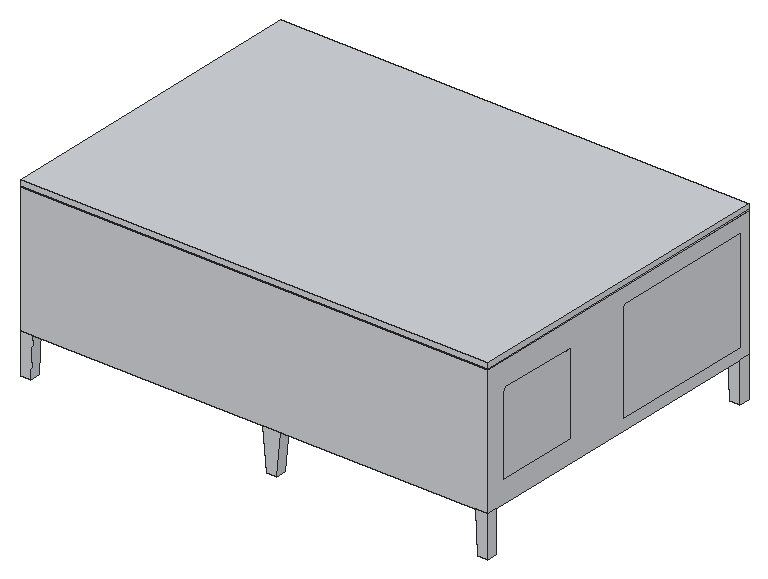
Revit family "AHU 4 _4", category Mechanické zařízení, Revit 2018
Family settings
  Kóta kulaté spojky = Použít průměr
  Typ dílu = Normální
  Číslo OmniClass = 23.75.00.00
  Nadpis OmniClass = Climate Control (HVAC)
  Založené na pracovní rovině = Ne
  Vždy vertikální = Ano
  Ořezat dutým tvarem při načtení = Ne
  Sdílené = Ne
  Bod výpočtu místnosti = Ne
Parameters (values of type "DUPLEXVENT 3500 Multi")
  Width [instance] = 1.6 mm
  Weight [instance] = 370.00 kg
  URL = ""
  Type [instance] = "DUPLEXVENT 3500 Multi"
  Total_SFP [instance] = 0
  Supply_outlet_hum [instance] = 90
  Supply_inlet_hum [instance] = 90
  Supply_ext_pressure [instance] = 0.0 Pa
  Supply_SFP [instance] = 0
  Source_adu_file [instance] = ""
  Recuperation_type [instance] = "Plate heat recovery exchanger"
  Recuperation_efficiency_EN308 [instance] = 0
  Project_name [instance] = ""
  Project_date [instance] = "9.8.2023"
  Power_supply_fusing [instance] = "0"
  Power_supply_cable [instance] = "0"
  Position [instance] = "AHU 4 "
  Phases_count [instance] = 3
  Panel_thickness [instance] = 0.06 mm
  Outer_surface [instance] = "RAL 9002"
  Length [instance] = 2.3 mm
  Insulation_type [instance] = "PUR"
  Insulation_thickness [instance] = 0.05 mm
  Installation_environment [instance] = ""
  Input_power_max [instance] = 5000 W
  Inner_surface [instance] = "Pozink"
  I2 [instance] = I1  # 0.0 L/s
  Height [instance] = 0.665 mm
  Exhaust_outlet_hum [instance] = 0
  Exhaust_inlet_hum [instance] = 40
  Exhaust_ext_pressure [instance] = 0.0 Pa
  Exhaust_SFP [instance] = 0
  E1 [instance] = E2 - M1  # 0.0 L/s
  E2 [instance] = 0.0 L/s
  I1 [instance] = 0.0 L/s
  Description = ""
  M1 [instance] = 0.0 L/s
  Device_dutypoint_version [instance] = "2"
  Device_design_version [instance] = "17"
  Device_adu_id [instance] = "4"
  Current_max [instance] = 7.6 A
  Casing_mat [instance] = "painted zinc layer"
  Cable type [instance] = "CYKY 5Jx2,5"
Reference planes
  plane 1 "Střed (vpředu/vzadu)": y = 0
  plane 2 "ref": z = 0
  plane 3 "Střed (vlevo/vpravo)": x = 0
Forms (mm)
  Sweep 1, solid
    path origin (0, 0, -635) x (0, 0, 1) y (1, 0, 0)
      loop
        line (0, 0) -> (635, 0)
    profile origin (0, 0, -635) x (1, 0, 0) y (0, 1, 0)
      loop
        line (0, 0) -> (2300, 0) -> (2300, 1600) -> (0, 1600) -> (0, 0)
  Sweep 2, solid
    path origin (0, 0, 0) x (0, 0, 1) y (1, 0, 0)
      loop
        line (0, 0) -> (30, 0)
    profile origin (0, 0, 0) x (1, 0, 0) y (0, 1, 0)
      loop
        line (0, 0) -> (2300, 0) -> (2300, 1600) -> (0, 1600) -> (0, 0)
  Sweep 3, solid
    path origin (1, 300, -325) x (0, 1, 0) y (-1, 0, 0)
      loop
        line (0, 0) -> (0, 1)
    profile origin (1, 300, -325) x (0, -1, 0) y (0, 0, 1)
      loop
        line (-200, 200) -> (-200, -200) -> (200, -200) -> (200, 200) -> (-200, 200)
  Sweep 4, solid
    path origin (2299, 1190, -330) x (1, 0, 0) y (0, 1, 0)
      loop
        line (0, 0) -> (1, 0)
    profile origin (2299, 1190, -330) x (0, 1, 0) y (0, 0, 1)
      loop
        line (355, 250) -> (-355, 250) -> (-355, -250) -> (355, -250) -> (355, 250)
  Sweep 5, solid
    path origin (2299, 300, -325) x (1, 0, 0) y (0, 1, 0)
      loop
        line (0, 0) -> (1, 0)
    profile origin (2299, 300, -325) x (0, 1, 0) y (0, 0, 1)
      loop
        line (200, 200) -> (-200, 200) -> (-200, -200) -> (200, -200) -> (200, 200)
  Sweep 6, solid
    path origin (1, 1190, -330) x (0, 1, 0) y (-1, 0, 0)
      loop
        line (0, 0) -> (0, 1)
    profile origin (1, 1190, -330) x (0, -1, 0) y (0, 0, 1)
      loop
        line (-355, 250) -> (-355, -250) -> (355, -250) -> (355, 250) -> (-355, 250)
  Sweep 7, solid
    path origin (404, 1508, -635) x (0, -1, 0) y (0, 0, 1)
      loop
        line (0, 0) -> (0, -150)
    profile origin (404, 1508, -635) x (-1, 0, 0) y (0, -1, 0)
      loop
        circle (0, 0) r 20
  Sweep 8, solid
    path origin (1208, 1508, -635) x (0, -1, 0) y (0, 0, 1)
      loop
        line (0, 0) -> (0, -150)
    profile origin (1208, 1508, -635) x (-1, 0, 0) y (0, -1, 0)
      loop
        circle (0, 0) r 20
  Sweep 9, solid
    path origin (0, 0, 5) x (0, 0, 1) y (1, 0, 0)
      loop
        line (0, 0) -> (25, 0)
    profile origin (0, 0, 5) x (1, 0, 0) y (0, 1, 0)
      loop
        line (0, 0) -> (2300, 0) -> (2300, 1600) -> (0, 1600) -> (0, 0)
  Sweep 10, solid
    path origin (25, 50, -635) x (1, 0, 0) y (0, 1, 0)
      loop
        line (0, 0) -> (0, -50)
    profile origin (25, 50, -635) x (1, 0, 0) y (0, 0, 1)
      loop
        line (-25, 0) -> (-25, -200) -> (25, -200) -> (35, 0) -> (-25, 0)
  Sweep 11, solid
    path origin (2275, 50, -635) x (1, 0, 0) y (0, 1, 0)
      loop
        line (0, 0) -> (0, -50)
    profile origin (2275, 50, -635) x (1, 0, 0) y (0, 0, 1)
      loop
        line (-35, 0) -> (-25, -200) -> (25, -200) -> (25, 0) -> (-35, 0)
  Sweep 12, solid
    path origin (25, 1600, -635) x (1, 0, 0) y (0, 1, 0)
      loop
        line (0, 0) -> (0, -50)
    profile origin (25, 1600, -635) x (1, 0, 0) y (0, 0, 1)
      loop
        line (-25, 0) -> (-25, -200) -> (25, -200) -> (35, 0) -> (-25, 0)
  Sweep 13, solid
    path origin (2275, 1600, -635) x (1, 0, 0) y (0, 1, 0)
      loop
        line (0, 0) -> (0, -50)
    profile origin (2275, 1600, -635) x (1, 0, 0) y (0, 0, 1)
      loop
        line (-35, 0) -> (-25, -200) -> (25, -200) -> (25, 0) -> (-35, 0)
  Sweep 14, solid
    path origin (1237, 50, -635) x (1, 0, 0) y (0, 1, 0)
      loop
        line (0, 0) -> (0, -50)
    profile origin (1237, 50, -635) x (1, 0, 0) y (0, 0, 1)
      loop
        line (-45, 0) -> (-25, -200) -> (25, -200) -> (45, 0) -> (-45, 0)
  Sweep 15, solid
    path origin (1063, 1600, -635) x (1, 0, 0) y (0, 1, 0)
      loop
        line (0, 0) -> (0, -50)
    profile origin (1063, 1600, -635) x (1, 0, 0) y (0, 0, 1)
      loop
        line (-45, 0) -> (-25, -200) -> (25, -200) -> (45, 0) -> (-45, 0)
  Sweep 16, solid
    path origin (1150, 830, -635) x (1, 0, 0) y (0, 1, 0)
      loop
        line (0, 0) -> (0, -50)
    profile origin (1150, 830, -635) x (1, 0, 0) y (0, 0, 1)
      loop
        line (-45, 0) -> (-25, -200) -> (25, -200) -> (45, 0) -> (-45, 0)
  Sweep 17, solid
    path origin (0, 0, -558) x (0, 0, 1) y (1, 0, 0)
      loop
        line (0, 0) -> (305, 0)
    profile origin (0, 0, -558) x (1, 0, 0) y (0, 1, 0)
      loop
        line (575, 1600) -> (980, 1600) -> (980, 1690) -> (575, 1690) -> (575, 1600)
  Sweep 18, solid
    path origin (575, 1645, -406) x (0, 0, -1) y (1, 0, 0)
      loop
        line (0, 0) -> (0, -1)
    profile origin (575, 1645, -406) x (0, 0, -1) y (0, -1, 0)
      loop
        circle (0, 0) r 10
Lines and regions (mm)
  model lines, style "Symbol"
    curve 1: line (943, 0, 30) -> (943, 320, 30)
    curve 2: line (943, 1600, 30) -> (943, 1280, 30)
    curve 3: line (0, 800, 30) -> (463, 800, 30)
    curve 4: line (2300, 800, 30) -> (1423, 800, 30)
    curve 5: line (463, 800, 30) -> (703, 1280, 30)
    curve 6: line (703, 1280, 30) -> (1183, 1280, 30)
    curve 7: line (1183, 1280, 30) -> (1423, 800, 30)
    curve 8: line (1423, 800, 30) -> (1183, 320, 30)
    curve 9: line (1183, 320, 30) -> (943, 320, 30)
    curve 10: line (943, 320, 30) -> (703, 320, 30)
    curve 11: line (703, 320, 30) -> (463, 800, 30)
    curve 12: line (1948, 1314, 30) -> (2204, 1270, 30)
    curve 13: line (1948, 1086, 30) -> (2204, 1130, 30)
    curve 14: line (352, 1086, 30) -> (96, 1130, 30)
    curve 15: line (352, 1314, 30) -> (96, 1270, 30)
    curve 16: line (46, 160, 30) -> (46, 640, 30)
    curve 17: line (46, 640, 30) -> (184, 640, 30)
    curve 18: line (184, 640, 30) -> (184, 160, 30)
    curve 19: line (184, 160, 30) -> (46, 160, 30)
    curve 20: line (115, 160, 30) -> (184, 400, 30)
    curve 21: line (115, 640, 30) -> (184, 400, 30)
    curve 22: line (2254, 640, 30) -> (2254, 160, 30)
    curve 23: line (2254, 160, 30) -> (2116, 160, 30)
    curve 24: line (2116, 160, 30) -> (2116, 640, 30)
    curve 25: line (2116, 640, 30) -> (2254, 640, 30)
    curve 26: line (2185, 640, 30) -> (2116, 400, 30)
    curve 27: line (2185, 160, 30) -> (2116, 400, 30)
    curve 28: line (616, 280, 30) -> (398, 708, 30)
    curve 29: line (398, 708, 30) -> (470, 744, 30)
    curve 30: line (470, 744, 30) -> (688, 316, 30)
    curve 31: line (688, 316, 30) -> (616, 280, 30)
    curve 32: line (485, 554, 30) -> (513, 641, 30)
    curve 33: line (573, 383, 30) -> (601, 470, 30)
    curve 34: line (378, 1508, -635) -> (430, 1508, -635)
    curve 35: line (404, 1482, -635) -> (404, 1534, -635)
    curve 36: line (1182, 1508, -635) -> (1234, 1508, -635)
    curve 37: line (1208, 1482, -635) -> (1208, 1534, -635)
    curve 38: line (0, 0, 1230) -> (0, 0, 30)
    curve 39: line (2300, 0, 1230) -> (2300, 0, 30)
    curve 40: line (0, 0, 1230) -> (2300, 0, 1230)
    curve 41: line (0, 1600, 1230) -> (0, 1600, 30)
    curve 42: line (2300, 1600, 1230) -> (2300, 1600, 30)
    curve 43: line (0, 1600, 1230) -> (2300, 1600, 1230)
    curve 44: line (0, 0, 1230) -> (0, 1600, 1230)
    curve 45: line (2300, 0, 1230) -> (2300, 1600, 1230)
    curve 46: line (0, 1400, 1230) -> (200, 1600, 1230)
    curve 47: line (0, 1200, 1230) -> (400, 1600, 1230)
    curve 48: line (0, 1000, 1230) -> (600, 1600, 1230)
    curve 49: line (0, 800, 1230) -> (800, 1600, 1230)
    curve 50: line (0, 600, 1230) -> (1000, 1600, 1230)
    curve 51: line (0, 400, 1230) -> (1200, 1600, 1230)
    curve 52: line (0, 200, 1230) -> (1400, 1600, 1230)
    curve 53: line (0, 0, 1230) -> (1600, 1600, 1230)
    curve 54: line (200, 0, 1230) -> (1800, 1600, 1230)
    curve 55: line (400, 0, 1230) -> (2000, 1600, 1230)
    curve 56: line (600, 0, 1230) -> (2200, 1600, 1230)
    curve 57: line (800, 0, 1230) -> (2300, 1500, 1230)
    curve 58: line (1000, 0, 1230) -> (2300, 1300, 1230)
    curve 59: line (1200, 0, 1230) -> (2300, 1100, 1230)
    curve 60: line (1400, 0, 1230) -> (2300, 900, 1230)
    curve 61: line (1600, 0, 1230) -> (2300, 700, 1230)
    curve 62: line (1800, 0, 1230) -> (2300, 500, 1230)
    curve 63: line (2000, 0, 1230) -> (2300, 300, 1230)
    curve 64: line (2200, 0, 1230) -> (2300, 100, 1230)
    curve 65: line (2300, 1400, 1230) -> (2300, 1600, 1030)
    curve 66: line (2300, 1200, 1230) -> (2300, 1600, 830)
    curve 67: line (2300, 1000, 1230) -> (2300, 1600, 630)
    curve 68: line (2300, 800, 1230) -> (2300, 1600, 430)
    curve 69: line (2300, 600, 1230) -> (2300, 1600, 230)
    curve 70: line (2300, 400, 1230) -> (2300, 1600, 30)
    curve 71: line (2300, 200, 1230) -> (2300, 1400, 30)
    curve 72: line (2300, 0, 1230) -> (2300, 1200, 30)
    curve 73: line (2300, 0, 1030) -> (2300, 1000, 30)
    curve 74: line (2300, 0, 830) -> (2300, 800, 30)
    curve 75: line (2300, 0, 630) -> (2300, 600, 30)
    curve 76: line (2300, 0, 430) -> (2300, 400, 30)
    curve 77: line (2300, 0, 230) -> (2300, 200, 30)
    curve 78: line (0, 1600, 1030) -> (200, 1600, 1230)
    curve 79: line (0, 1600, 830) -> (400, 1600, 1230)
    curve 80: line (0, 1600, 630) -> (600, 1600, 1230)
    curve 81: line (0, 1600, 430) -> (800, 1600, 1230)
    curve 82: line (0, 1600, 230) -> (1000, 1600, 1230)
    curve 83: line (0, 1600, 30) -> (1200, 1600, 1230)
    curve 84: line (200, 1600, 30) -> (1400, 1600, 1230)
    curve 85: line (400, 1600, 30) -> (1600, 1600, 1230)
    curve 86: line (600, 1600, 30) -> (1800, 1600, 1230)
    curve 87: line (800, 1600, 30) -> (2000, 1600, 1230)
    curve 88: line (1000, 1600, 30) -> (2200, 1600, 1230)
    curve 89: line (1200, 1600, 30) -> (2300, 1600, 1130)
    curve 90: line (1400, 1600, 30) -> (2300, 1600, 930)
    curve 91: line (1600, 1600, 30) -> (2300, 1600, 730)
    curve 92: line (1800, 1600, 30) -> (2300, 1600, 530)
    curve 93: line (2000, 1600, 30) -> (2300, 1600, 330)
    curve 94: line (2200, 1600, 30) -> (2300, 1600, 130)
    curve 95: line (0, 2320, 0) -> (0, 1600, 0)
    curve 96: line (2300, 2320, 0) -> (2300, 1600, 0)
    curve 97: line (0, 2320, 0) -> (2300, 2320, 0)
    curve 98: line (0, 2320, -635) -> (0, 1600, -635)
    curve 99: line (2300, 2320, -635) -> (2300, 1600, -635)
    curve 100: line (0, 2320, -635) -> (2300, 2320, -635)
    curve 101: line (0, 2320, 0) -> (0, 2320, -635)
    curve 102: line (2300, 2320, 0) -> (2300, 2320, -635)
    curve 103: line (0, 2320, -435) -> (200, 2320, -635)
    curve 104: line (0, 2320, -235) -> (400, 2320, -635)
    curve 105: line (0, 2320, -35) -> (600, 2320, -635)
    curve 106: line (165, 2320, 0) -> (800, 2320, -635)
    curve 107: line (365, 2320, 0) -> (1000, 2320, -635)
    curve 108: line (565, 2320, 0) -> (1200, 2320, -635)
    curve 109: line (765, 2320, 0) -> (1400, 2320, -635)
    curve 110: line (965, 2320, 0) -> (1600, 2320, -635)
    curve 111: line (1165, 2320, 0) -> (1800, 2320, -635)
    curve 112: line (1365, 2320, 0) -> (2000, 2320, -635)
    curve 113: line (1565, 2320, 0) -> (2200, 2320, -635)
    curve 114: line (1765, 2320, 0) -> (2300, 2320, -535)
    curve 115: line (1965, 2320, 0) -> (2300, 2320, -335)
    curve 116: line (2165, 2320, 0) -> (2300, 2320, -135)
    curve 117: line (2300, 2320, -435) -> (2300, 2120, -635)
    curve 118: line (2300, 2320, -235) -> (2300, 1920, -635)
    curve 119: line (2300, 2320, -35) -> (2300, 1720, -635)
    curve 120: line (2300, 2155, 0) -> (2300, 1600, -555)
    curve 121: line (2300, 1955, 0) -> (2300, 1600, -355)
    curve 122: line (2300, 1755, 0) -> (2300, 1600, -155)
    curve 123: line (0, 2120, -635) -> (200, 2320, -635)
    curve 124: line (0, 1920, -635) -> (400, 2320, -635)
    curve 125: line (0, 1720, -635) -> (600, 2320, -635)
    curve 126: line (80, 1600, -635) -> (800, 2320, -635)
    curve 127: line (280, 1600, -635) -> (1000, 2320, -635)
    curve 128: line (480, 1600, -635) -> (1200, 2320, -635)
    curve 129: line (680, 1600, -635) -> (1400, 2320, -635)
    curve 130: line (880, 1600, -635) -> (1600, 2320, -635)
    curve 131: line (1080, 1600, -635) -> (1800, 2320, -635)
    curve 132: line (1280, 1600, -635) -> (2000, 2320, -635)
    curve 133: line (1480, 1600, -635) -> (2200, 2320, -635)
    curve 134: line (1680, 1600, -635) -> (2300, 2220, -635)
    curve 135: line (1880, 1600, -635) -> (2300, 2020, -635)
    curve 136: line (2080, 1600, -635) -> (2300, 1820, -635)
    curve 137: line (2280, 1600, -635) -> (2300, 1620, -635)
    curve 138: line (2300, 0, -835) -> (2300, 0, -635)
    curve 139: line (0, 0, -835) -> (0, 0, -635)
    curve 140: line (2300, 0, -835) -> (0, 0, -835)
    curve 141: line (2300, 1600, -835) -> (2300, 1600, -635)
    curve 142: line (0, 1600, -835) -> (0, 1600, -635)
    curve 143: line (2300, 1600, -835) -> (0, 1600, -835)
    curve 144: line (2300, 0, -835) -> (2300, 1600, -835)
    curve 145: line (0, 0, -835) -> (0, 1600, -835)
    curve 146: line (2300, 1400, -835) -> (2100, 1600, -835)
    curve 147: line (2300, 1200, -835) -> (1900, 1600, -835)
    curve 148: line (2300, 1000, -835) -> (1700, 1600, -835)
    curve 149: line (2300, 800, -835) -> (1500, 1600, -835)
    curve 150: line (2300, 600, -835) -> (1300, 1600, -835)
    curve 151: line (2300, 400, -835) -> (1100, 1600, -835)
    curve 152: line (2300, 200, -835) -> (900, 1600, -835)
    curve 153: line (2300, 0, -835) -> (700, 1600, -835)
    curve 154: line (2100, 0, -835) -> (500, 1600, -835)
    curve 155: line (1900, 0, -835) -> (300, 1600, -835)
    curve 156: line (1700, 0, -835) -> (100, 1600, -835)
    curve 157: line (1500, 0, -835) -> (0, 1500, -835)
    curve 158: line (1300, 0, -835) -> (0, 1300, -835)
    curve 159: line (1100, 0, -835) -> (0, 1100, -835)
    curve 160: line (900, 0, -835) -> (0, 900, -835)
    curve 161: line (700, 0, -835) -> (0, 700, -835)
    curve 162: line (500, 0, -835) -> (0, 500, -835)
    curve 163: line (300, 0, -835) -> (0, 300, -835)
    curve 164: line (100, 0, -835) -> (0, 100, -835)
    curve 165: line (0, 1400, -835) -> (0, 1600, -635)
    curve 166: line (0, 1200, -835) -> (0, 1400, -635)
    curve 167: line (0, 1000, -835) -> (0, 1200, -635)
    curve 168: line (0, 800, -835) -> (0, 1000, -635)
    curve 169: line (0, 600, -835) -> (0, 800, -635)
    curve 170: line (0, 400, -835) -> (0, 600, -635)
    curve 171: line (0, 200, -835) -> (0, 400, -635)
    curve 172: line (0, 0, -835) -> (0, 200, -635)
    curve 173: line (2300, 1600, -635) -> (2100, 1600, -835)
    curve 174: line (2100, 1600, -635) -> (1900, 1600, -835)
    curve 175: line (1900, 1600, -635) -> (1700, 1600, -835)
    curve 176: line (1700, 1600, -635) -> (1500, 1600, -835)
    curve 177: line (1500, 1600, -635) -> (1300, 1600, -835)
    curve 178: line (1300, 1600, -635) -> (1100, 1600, -835)
    curve 179: line (1100, 1600, -635) -> (900, 1600, -835)
    curve 180: line (900, 1600, -635) -> (700, 1600, -835)
    curve 181: line (700, 1600, -635) -> (500, 1600, -835)
    curve 182: line (500, 1600, -635) -> (300, 1600, -835)
    curve 183: line (300, 1600, -635) -> (100, 1600, -835)
    curve 184: line (100, 1600, -635) -> (0, 1600, -735)
    curve 185: line (0, 0, 30) -> (0, 1600, 30)
    curve 186: line (0, 1600, 30) -> (920, 1600, 30)
    curve 187: line (920, 1600, 30) -> (920, 0, 30)
    curve 188: line (920, 0, 30) -> (0, 0, 30)
    curve 189: line (1180, 0, 30) -> (1180, 1600, 30)
    curve 190: line (1180, 1600, 30) -> (2300, 1600, 30)
    curve 191: line (2300, 1600, 30) -> (2300, 0, 30)
    curve 192: line (2300, 0, 30) -> (1180, 0, 30)
    curve 193: line (0, 0, 30) -> (2300, 0, 30)
    curve 194: line (0, 1600, 30) -> (2300, 1600, 30)
    curve 195: line (0, 0, 30) -> (0, 1600, 30)
    curve 196: line (2300, 0, 30) -> (2300, 1600, 30)
    curve 197: line (0, 0, 30) -> (0, 0, 5)
    curve 198: line (2300, 0, 30) -> (2300, 0, 5)
    curve 199: line (0, 1600, 30) -> (0, 1600, 5)
    curve 200: line (2300, 1600, 30) -> (2300, 1600, 5)
    curve 201: circle (2060, 1200, 30) r 160 normal (0, 0, 1)
    curve 202: circle (240, 1200, 30) r 160 normal (0, 0, 1)
    curve 203: circle (499, 598, 30) r 12 normal (0, 0, 1)
    curve 204: circle (587, 426, 30) r 12 normal (0, 0, 1)
    curve 205: circle (404, 1508, -635) r 20 normal (0, 0, 1)
    curve 206: circle (1208, 1508, -635) r 20 normal (0, 0, 1)
Dimensions and locks
  aligned and locked: level to plane 2 "ref"
Connectors
  hvac at (0, 300, -325), driven by "E1"
    settings: on Sweep 3, index 1, duct flow 0.0 L/s, flow factor 0, pres drop 0.0 Pa, loss coef 0, conn angle 0.00°, conn width 400 mm, conn height 400 mm, conn diameter 609.6 mm, duct sys type 1, conn prof type 1, flow config 1, flow direction 1, loss method 0, conn ref index -1, conn util no, is conn primary yes, conn desc ""
  hvac at (2300, 1190, -330), driven by "E2"
    settings: on Sweep 4, index 2, duct flow 0.0 L/s, flow factor 1, pres drop 0.0 Pa, loss coef 0, conn angle 0.00°, conn width 710 mm, conn height 500 mm, conn diameter 609.6 mm, duct sys type 1, conn prof type 1, flow config 2, flow direction 2, loss method 0, conn ref index -1, conn util no, is conn primary no, conn desc ""
  hvac at (2300, 300, -325), driven by "I1"
    settings: on Sweep 5, index 3, duct flow 0.0 L/s, flow factor 1, pres drop 0.0 Pa, loss coef 0, conn angle 0.00°, conn width 400 mm, conn height 400 mm, conn diameter 609.6 mm, duct sys type 3, conn prof type 1, flow config 2, flow direction 1, loss method 0, conn ref index -1, conn util no, is conn primary no, conn desc ""
  hvac at (0, 1190, -330), driven by "I2"
    settings: on Sweep 6, index 4, duct flow 0.0 L/s, flow factor 0, pres drop 0.0 Pa, loss coef 0, conn angle 0.00°, conn width 710 mm, conn height 500 mm, conn diameter 609.6 mm, duct sys type 3, conn prof type 1, flow config 1, flow direction 2, loss method 0, conn ref index -1, conn util no, is conn primary no, conn desc ""
  piping at (404, 1508, -785), diameter 40
    settings: on Sweep 7, index 5, connector inside diameter 609.6 mm, connector length 0 mm, flow factor 0, pipe flow 0.0 L/s, pressure drop 0.0 Pa, fitting loss kfactor 0, connector angle 0.00°, fixture units 0, engagement length 0 mm, angle of deflection 0.00°, flow configuration 1, flow direction 2, fitting loss method 0, system type 16, joint type 0, gender type 0, connector reference index -1, connector utility 0, adjustable connector no, is connector primary yes, connector description ""
  piping at (1208, 1508, -785), diameter 40
    settings: on Sweep 8, index 6, connector inside diameter 609.6 mm, connector length 0 mm, flow factor 0, pipe flow 0.0 L/s, pressure drop 0.0 Pa, fitting loss kfactor 0, connector angle 0.00°, fixture units 0, engagement length 0 mm, angle of deflection 0.00°, flow configuration 1, flow direction 2, fitting loss method 0, system type 16, joint type 0, gender type 0, connector reference index -1, connector utility 0, adjustable connector no, is connector primary no, connector description ""
  electrical at (574, 1645, -406)
    settings: on Sweep 18, index 7, voltage 400 V, apparent load 0 VA, apparent load phase1 0 VA, apparent load phase2 0 VA, apparent load phase3 0 VA, power factor 1, load classification "Další", number of poles 3, system type 31, power factor state 1, is connector primary yes, connector utility no, sub classification motor no, connector description ""
